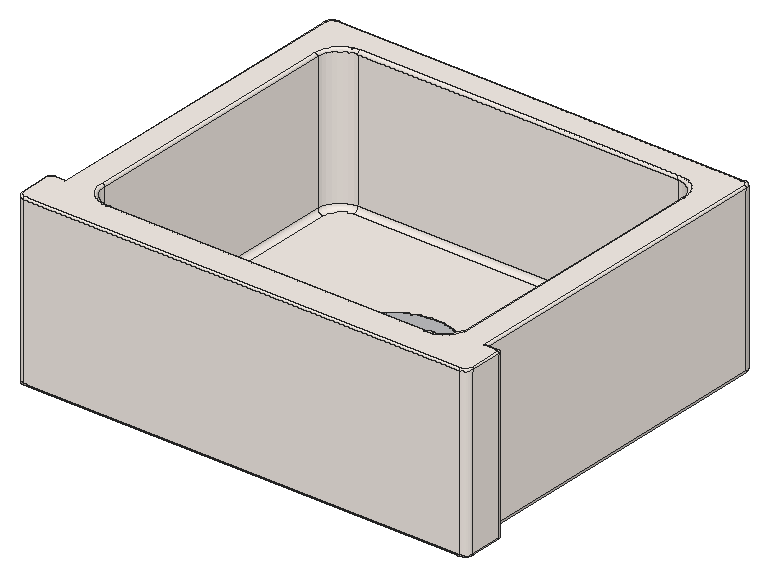
Revit family "Sink-Undermount_Kitchen-KALLISTA-Caillou-L39763-1", category Plumbing Fixtures, host Face, Revit 2022
Family settings
  Host = Face
  Round Connector Dimension = Use Diameter
  Part Type = Normal
  OmniClass Number = 23.31.13.00
  OmniClass Title = Sinks
  Cut with Voids When Loaded = No
  Maintain Annotation Orientation = No
  Shared = No
  Room Calculation Point = No
Parameters (values of type "CCV-Calacatta Viola")
  Width = 19 1/2"  # constant formula
  WaterSense Certified = 1 = 0  # no
  Waste Water Outlet = "Waste Water Outlet"  # constant formula
  Waste Connection = 1 = 1  # yes
  Vent Connection = 1 = 0  # no
  URL = "https://www.kallista.com/"
  Type = 1
  Product Page URL = ""
  Product Name = "Caillou"  # constant formula
  Product Documentation Link = ""
  Model = if(Type = 1, "L39763-00-CCV", if(Type = 2, "L39763-00-FWG", if(Type = 3, "L39763-00-MVV", if(Type = 4, "L39763-00-NM", if(Type = 5, "L39763-00-RM", if(Type = 6, "L39763-00-WH", "NA"))))))  # "L39763-00-CCV"
  Material = "Natural Stone"  # constant formula
  Master Format 2014 Name = "Residential Lavatories and Sinks"  # constant formula
  Master Format 2014 = "22 41 16"  # constant formula
  Manufacturer Address = "444 Highland Dr, Kohler, WI 53044"  # constant formula
  Manufacturer = "Kallista Co."  # constant formula
  Length = 23.48819"  # constant formula
  Hot Water Inlet = "Hot Water Inlet"  # constant formula
  Height = 9.75197"  # constant formula
  HW Connection = 1 = 0  # no
  Finish = KALLISTA-Stone-CCV-Calacatta_Viola
  Environmental Product Declaration = ""
  Drain Included = 1 = 0  # no
  Description = "24 Inch Entertainment Sink"  # constant formula
  Default Elevation = 36"
  Declare Label = ""
  Date Modified = "09/23/2025"  # constant formula
  Date Created = "09/23/2025"  # constant formula
  Copyright = "Copyright Kallista Co."  # constant formula
  Contact Us = "https://www.kallista.com/corporate/contact-us/"
  Cold Water Inlet = "Cold Water Inlet"  # constant formula
  CW Connection = 1 = 0  # no
  Assembly Code = "D2010400"
  ADA Compliant = 1 = 0  # no
Types (7): name | Type | Model | Finish
  (no name) | 1 | "L39763-00-CCV" | KALLISTA-Stone-CCV-Calacatta_Viola
  NM-Nero Marquina | 4 | "L39763-00-NM" | Kohler-Stone-NM-Nero_Marquina
  CCV-Calacatta Viola | 1 | "L39763-00-CCV" | KALLISTA-Stone-CCV-Calacatta_Viola
  FWG-Fusion Green Quartzite | 2 | "L39763-00-FWG" | KALLISTA-Stone-FWG-Fusion_Green_Quartzite
  MVV-Macchia Vecchia | 3 | "L39763-00-MVV" | KALLISTA-Stone-MVV-Macchia_Vecchia
  RM-Crema Marfil | 5 | "L39763-00-RM" | KALLISTA-Stone-RM-Crema_Marfil
  WH-White Carrara Marble | 6 | "L39763-00-WH" | KALLISTA-Stone-WH-White_Carrara_Marble
Reference planes (in)
  plane 1 "Center (Front/Back)": y = 0
  plane 2: z = 0
  plane 3 "Center (Left/Right)": x = 0
  plane 4: z = -1
  plane 5: y = -30.7755906
  plane 6: y = -48.0314961
  plane 7: y = -50.2755906
  plane 8: y = -40.5275591
  plane 9: y = -48.5526603
  plane 10: y = -32.3006918
  plane 11: z = -11.9583259
  plane 12: z = -9.7519685
  plane 13: x = -11.7440945
  plane 14: x = -10.9940945
  plane 15: x = -9.4940945
  plane 16: x = 9.4940945
  plane 17: x = 11.7440945
  plane 18: x = 10.9940945
Forms (in)
  Extrusion 1, void
    sketch origin (0, 0, 0) x (1, 0, 0) y (0, 1, 0)
      loop
        arc (-9.5137795, -47.0264062) -> (-9.8020603, -47.7223774) -> (-10.4980315, -48.0106581) r 0.984252
        line (-10.4980315, -48.0106581) -> (-14.7731298, -48.0106581) -> (-14.7731298, -48.7427356) -> (12.9232283, -48.7427356) -> (12.9232283, -48.0106581) -> (10.4743165, -48.0106581)
        arc (10.4743165, -48.0106581) -> (9.7783453, -47.7223774) -> (9.4900646, -47.0264062) r 0.984252
        line (9.4900646, -47.0264062) -> (9.4900646, -33.4806786)
        arc (9.4900646, -33.4806786) -> (9.1441277, -32.6455131) -> (8.3089622, -32.2995762) r 1.1811024
        line (8.3089622, -32.2995762) -> (-8.3326772, -32.2995762)
        arc (-8.3326772, -32.2995762) -> (-9.1678427, -32.6455131) -> (-9.5137795, -33.4806786) r 1.1811024
        line (-9.5137795, -33.4806786) -> (-9.5137795, -47.0264062)
    from -9.7519685 to 0
  Extrusion 2, void
    sketch origin (0, 0, 0) x (1, 0, 0) y (0, 1, 0)
      loop
        line (-11.0187008, -48.8188976) -> (11.0925197, -48.8188976) -> (11.0925197, -30.7669597) -> (-11.0187008, -30.7669597) -> (-11.0187008, -48.8188976)
    from -9.7519685 to -1
  Revolve 3, void
    sketch origin (0, 0, 0) x (0, 1, 0) y (0, 0, 1)
      loop
        line (-40.5275591, -8.6456693) -> (-43.6771654, -8.6456693) -> (-43.6771654, -12.1351818) -> (-40.5275591, -12.1351818) -> (-40.5275591, -8.6456693)
      axis (-40.5275591, -8.6456693) -> (-40.5275591, -12.1351818)
    angle from 0 to 360
Dimensions and locks (in)
  locked: level to plane 4 at 1
  plane 10 to plane 9 = 16.25197"
  "Width": plane 5 to plane 7
  "Height": level to plane 12
  level to plane 11 = 11.95833"
  level to plane 4 = 1"
  plane 14 to plane 18 = 21.98819"
  "Length": plane 13 to plane 17
  plane 15 to plane 16 = 18.98819"
  aligned and locked: plane 2 to host face
  aligned and locked: level to host face
  aligned and locked: plane 3 "Center (Left/Right)" to nested 1
  aligned and locked: plane 4 to nested 1
  aligned and locked: plane 14 to nested 1
  aligned and locked: plane 15 to nested 1
  aligned and locked: plane 18 to nested 1
  aligned and locked: plane 17 to nested 1
  aligned and locked: plane 16 to nested 1
Automatic sketch dimensions
  host sketch curve to host sketch curve = 96"  (x2)
  Extrusion 1 sketch curve to plane 9 = 0.19008"
  plane 6 to Extrusion 1 sketch curve = 0.02084"  (x2)
  plane 10 to Extrusion 1 sketch curve = 0.00112"
  plane 5 to Extrusion 2 sketch curve = 0.00863"
  Extrusion 2 sketch curve to plane 9 = 0.26624"
  Revolve 3 sketch curve to plane 8 = 0"  (x2)
  plane 12 to Revolve 3 sketch curve = 0"
  Revolve 3 sketch curve to plane 12 = 1.1063"
  Revolve 3 sketch curve to plane 8 = 3.14961"
  Revolve 3 sketch curve to plane 11 = 0.17686"
  Revolve 3 sketch curve to Revolve 3 sketch curve = 0.53734"
  Extrusion 1 sketch curve to plane 15 = 1.16142"
  plane 15 to Extrusion 1 sketch curve = 0.01969"
  Extrusion 1 sketch curve to plane 14 = 0.49606"
  plane 13 to Extrusion 1 sketch curve = 3.02904"
  plane 14 to Extrusion 2 sketch curve = 0.02461"
  plane 16 to Extrusion 1 sketch curve = 1.18513"
  plane 16 to Extrusion 1 sketch curve = 0.00403"
  plane 18 to Extrusion 1 sketch curve = 0.51978"
  Extrusion 1 sketch curve to plane 17 = 1.17913"
  Extrusion 2 sketch curve to plane 18 = 0.09843"
Nested families (in)
  nested 1: "L39763" at (0, -48.0314961, -9.7519685), type "L39743"
Connectors (in)
  piping at (0, -40.5275591, -11.9583259), diameter 1.5, driven by "Waste Connection", driven by "Waste Water Outlet"
    settings: on nested 1, index 1, connector inside diameter 24", connector length 0", flow factor 0, pipe flow 0 GPM, pressure drop 0.00 psi, fitting loss kfactor 0, connector angle 0.00°, fixture units 0, engagement length 0", angle of deflection 0.00°, flow configuration 0, flow direction 2, fitting loss method 0, system type 16, joint type 0, gender type 0, connector reference index -1, connector utility 1, adjustable connector no, is connector primary yes, connector description "Waste Water Outlet"
Definition of nested family "L39763"
  Parameters (values of type "L39763")
    Material = none
    Default Elevation = 0"
  Reference planes (in)
    plane 1 "Center (Front/Back)": y = 0
    plane 2: z = 0
    plane 3 "Center (Left/Right)": x = 0
    plane 4: x = 11.7440945
    plane 5: x = -11.7440945
    plane 6: y = -2.2440945
    plane 7: y = 17.2559055
    plane 8: x = -10.9940945
    plane 9: x = 10.9940945
    plane 10: x = 9.4940945
    plane 11: x = -9.4940945
    plane 12 "A": y = 7.503937
    plane 13: y = 15.7308043
    plane 14: y = -0.5211642
    plane 15: x = 1.8110236
    plane 16: x = -1.8110236
    plane 17: y = 5.6929134
    plane 18: y = 9.3149606
    plane 19: z = 8.7519685
    plane 20: z = 1.1062992
    plane 21: z = -2.2063574
    plane 22: x = -11
    plane 23: x = 11
    plane 24: x = 11.7440945
    plane 25: x = -11.7440945
  Forms (in)
    Sweep 1, solid, material <- "Material", detail levels medium+fine
      path origin (0, 0, 0) x (1, 0, 0) y (0, 1, 0)
        loop
          line (8.3129921, 15.7308043) -> (-8.3129921, 15.7308043)
          arc (-8.3129921, 15.7308043) -> (-9.1481576, 15.3848674) -> (-9.4940945, 14.5497019) r 1.1811024
          line (-9.4940945, 14.5497019) -> (-9.4940945, 0.6599382)
          arc (-9.4940945, 0.6599382) -> (-9.1481576, -0.1752273) -> (-8.3129921, -0.5211642) r 1.1811024
          line (-8.3129921, -0.5211642) -> (8.3129921, -0.5211642)
          arc (8.3129921, -0.5211642) -> (9.1481576, -0.1752273) -> (9.4940945, 0.6599382) r 1.1811024
          line (9.4940945, 0.6599382) -> (9.4940945, 14.5497019)
          arc (9.4940945, 14.5497019) -> (9.1481576, 15.3848674) -> (8.3129921, 15.7308043) r 1.1811024
      profile origin (0, 15.7308043, 0) x (0, -1, 0) y (0, 0, 1)
        loop
          line (0, 1.5471383) -> (0, 8.6133743)
          arc (0, 8.6133743) -> (-0.0405933, 8.7113752) -> (-0.1385942, 8.7519685) r 0.1385942
          line (-0.1385942, 8.7519685) -> (-0.3937008, 8.7519685) -> (-0.3937008, 1.1062992) -> (0.5905512, 1.1062992) -> (0.5905512, 1.2785433) -> (0.268595, 1.2785433)
          arc (0.268595, 1.2785433) -> (0.0786697, 1.357213) -> (0, 1.5471383) r 0.268595
    Sweep 2, solid, material <- "Material", detail levels medium+fine
      path origin (0, 0, 0) x (1, 0, 0) y (0, 1, 0)
        loop
          line (10.9940945, -0.5211642) -> (10.9940945, 16.8622047)
          arc (10.9940945, 16.8622047) -> (10.8787822, 17.1405932) -> (10.6003937, 17.2559055) r 0.3937008
          line (10.6003937, 17.2559055) -> (-10.6003937, 17.2559055)
          arc (-10.6003937, 17.2559055) -> (-10.8787822, 17.1405932) -> (-10.9940945, 16.8622047) r 0.3937008
          line (-10.9940945, 16.8622047) -> (-10.9940945, -0.5211642)
      profile origin (0, 17.2559055, 0) x (0, -1, 0) y (0, 0, 1)
        loop
          arc (0.1181102, 8.7519685) -> (0.0345937, 8.7173748) -> (0, 8.6338583) r 0.1181102
          line (0, 8.6338583) -> (0, 0.1181102)
          arc (0, 0.1181102) -> (0.0345937, 0.0345937) -> (0.1181102, 0) r 0.1181102
          line (0.1181102, 0) -> (0.3651166, 0) -> (0.3651166, 8.7519685) -> (0.1181102, 8.7519685)
    Extrusion 3, solid, material <- "Material", detail levels medium+fine
      sketch origin (0, 0, 0) x (1, 0, 0) y (0, 1, 0)
        loop
          arc (-8.3129921, 15.1402531) -> (-8.7305749, 14.9672847) -> (-8.9035433, 14.5497019) r 0.5905512
          line (-8.9035433, 14.5497019) -> (-8.9035433, 0.6599382)
          arc (-8.9035433, 0.6599382) -> (-8.7305749, 0.2423554) -> (-8.3129921, 0.069387) r 0.5905512
          line (-8.3129921, 0.069387) -> (8.3129921, 0.069387)
          arc (8.3129921, 0.069387) -> (8.7305749, 0.2423554) -> (8.9035433, 0.6599382) r 0.5905512
          line (8.9035433, 0.6599382) -> (8.9035433, 14.5497019)
          arc (8.9035433, 14.5497019) -> (8.7305749, 14.9672847) -> (8.3129921, 15.1402531) r 0.5905512
          line (8.3129921, 15.1402531) -> (-8.3129921, 15.1402531)
      from 1.1062992 to 1.2785433
    Sweep 4, solid, material <- "Material", detail levels medium+fine
      path origin (0, 0, 0) x (1, 0, 0) y (0, 1, 0)
        loop
          line (10.6289779, 0) -> (11.5472441, 0)
          arc (11.5472441, 0) -> (11.6864383, -0.0576561) -> (11.7440945, -0.1968504) r 0.1968504
          line (11.7440945, -0.1968504) -> (11.7440945, -1.8503937)
          arc (11.7440945, -1.8503937) -> (11.6287822, -2.1287822) -> (11.3503937, -2.2440945) r 0.3937008
          line (11.3503937, -2.2440945) -> (-11.3503937, -2.2440945)
          arc (-11.3503937, -2.2440945) -> (-11.6287822, -2.1287822) -> (-11.7440945, -1.8503937) r 0.3937008
          line (-11.7440945, -1.8503937) -> (-11.7440945, -0.1968504)
          arc (-11.7440945, -0.1968504) -> (-11.6864383, -0.0576561) -> (-11.5472441, 0) r 0.1968504
          line (-11.5472441, 0) -> (-10.6289779, 0)
      profile origin (0, -2.2440945, 0) x (0, -1, 0) y (0, 0, 1)
        loop
          arc (-0.0787402, 0) -> (-0.0230625, 0.0230625) -> (0, 0.0787402) r 0.0787402
          line (0, 0.0787402) -> (0, 8.6732283)
          arc (0, 8.6732283) -> (-0.0230625, 8.728906) -> (-0.0787402, 8.7519685) r 0.0787402
          line (-0.0787402, 8.7519685) -> (-0.1698934, 8.7519685) -> (-0.1698934, 0) -> (-0.0787402, 0)
    Extrusion 5, solid, material <- "Material", detail levels medium+fine
      sketch origin (0, 0, 0) x (1, 0, 0) y (0, 1, 0)
        loop
          arc (-10.6003937, 16.8907889) -> (-10.6206058, 16.8824168) -> (-10.6289779, 16.8622047) r 0.0285842
          line (-10.6289779, 16.8622047) -> (-10.6289779, -0.5211642) -> (-10.8759843, -0.5211642) -> (-10.8759843, -0.1698934) -> (-11.5472441, -0.1698934)
          arc (-11.5472441, -0.1698934) -> (-11.5663055, -0.1777889) -> (-11.5742011, -0.1968504) r 0.026957
          line (-11.5742011, -0.1968504) -> (-11.5742011, -1.8503937)
          arc (-11.5742011, -1.8503937) -> (-11.5086494, -2.0086494) -> (-11.3503937, -2.0742011) r 0.2238074
          line (-11.3503937, -2.0742011) -> (11.3503937, -2.0742011)
          arc (11.3503937, -2.0742011) -> (11.5086494, -2.0086494) -> (11.5742011, -1.8503937) r 0.2238074
          line (11.5742011, -1.8503937) -> (11.5742011, -0.1968504)
          arc (11.5742011, -0.1968504) -> (11.5663055, -0.1777889) -> (11.5472441, -0.1698934) r 0.026957
          line (11.5472441, -0.1698934) -> (10.8759843, -0.1698934) -> (10.8759843, -0.5211642) -> (10.6289779, -0.5211642) -> (10.6289779, 16.8622047)
          arc (10.6289779, 16.8622047) -> (10.6206058, 16.8824168) -> (10.6003937, 16.8907889) r 0.0285842
          line (10.6003937, 16.8907889) -> (-10.6003937, 16.8907889)
        loop
          line (-8.3129921, -0.914865) -> (8.3129921, -0.914865)
          arc (8.3129921, -0.914865) -> (9.4265461, -0.4536158) -> (9.8877953, 0.6599382) r 1.5748031
          line (9.8877953, 0.6599382) -> (9.8877953, 14.5497019)
          arc (9.8877953, 14.5497019) -> (9.4265461, 15.6632559) -> (8.3129921, 16.1245051) r 1.5748031
          line (8.3129921, 16.1245051) -> (-8.3129921, 16.1245051)
          arc (-8.3129921, 16.1245051) -> (-9.4265461, 15.6632559) -> (-9.8877953, 14.5497019) r 1.5748031
          line (-9.8877953, 14.5497019) -> (-9.8877953, 0.6599382)
          arc (-9.8877953, 0.6599382) -> (-9.4265461, -0.4536158) -> (-8.3129921, -0.914865) r 1.5748031
      from 0 to 8.7519685
    Extrusion 6, solid, material <- "Material", detail levels medium+fine
      sketch origin (0, 0, 0) x (1, 0, 0) y (0, 1, 0)
        loop
          line (-8.3129921, -0.914865) -> (8.3129921, -0.914865)
          arc (8.3129921, -0.914865) -> (9.4265461, -0.4536158) -> (9.8877953, 0.6599382) r 1.5748031
          line (9.8877953, 0.6599382) -> (9.8877953, 14.5497019)
          arc (9.8877953, 14.5497019) -> (9.4265461, 15.6632559) -> (8.3129921, 16.1245051) r 1.5748031
          line (8.3129921, 16.1245051) -> (-8.3129921, 16.1245051)
          arc (-8.3129921, 16.1245051) -> (-9.4265461, 15.6632559) -> (-9.8877953, 14.5497019) r 1.5748031
          line (-9.8877953, 14.5497019) -> (-9.8877953, 0.6599382)
          arc (-9.8877953, 0.6599382) -> (-9.4265461, -0.4536158) -> (-8.3129921, -0.914865) r 1.5748031
      from 0 to 0.5373408
    Revolve 7, solid, material <- "Material", detail levels medium+fine
      sketch origin (0, 7.503937, 0) x (1, 0, 0) y (0, 0, 1)
        loop
          line (0.6758748, -2.2053542) -> (0.906273, -2.2053542) -> (1.0695756, -1.9225057) -> (1.0695756, -1.612118) -> (0.9470057, -1.612118) -> (0.8847545, -1.5761772) -> (0.9348126, -1.5411262) -> (0.9348126, -1.5090595) -> (0.8957951, -1.4865328) -> (0.9348126, -1.4592125) -> (0.9348126, -1.2388652)
          arc (0.9348126, -1.2388652) -> (1.0060126, -1.0130477) -> (1.1938598, -0.8689075) r 0.3937008
          line (1.1938598, -0.8689075) -> (1.5516942, -0.7386664)
          arc (1.5516942, -0.7386664) -> (1.613819, -0.6909963) -> (1.6373662, -0.616314) r 0.1302047
          line (1.6373662, -0.616314) -> (1.6373662, -0.5762537) -> (1.7650874, -0.5762537) -> (1.7650874, -0.3416603)
          arc (1.7650874, -0.3416603) -> (1.7845158, -0.2928242) -> (1.8321822, -0.2706804) r 0.0710924
          line (1.8321822, -0.2706804) -> (2.1955228, -0.2502174)
          arc (2.1955228, -0.2502174) -> (2.2342252, -0.2322379) -> (2.25, -0.1925857) r 0.057723
          line (2.25, -0.1925857) -> (2.25, 0.0389589) -> (0.6758748, 0.0389589) -> (0.6758748, -2.2053542)
        axis (0, -2.2053542) -> (0, 0.0389589)
      angle from 0 to 360
    Revolve 8, void
      sketch origin (0, 7.503937, 0) x (1, 0, 0) y (0, 0, 1)
        loop
          line (0, 1.6019003) -> (0, -1.9838095) -> (0.5759468, -1.9838095) -> (0.6366445, -1.2900318)
          arc (0.6366445, -1.2900318) -> (0.6540755, -1.2024003) -> (0.6900602, -1.1206187) r 0.410356
          line (0.6900602, -1.1206187) -> (0.8106851, -0.9116902)
          arc (0.8106851, -0.9116902) -> (0.8481144, -0.8660767) -> (0.8982154, -0.8349089) r 0.1811802
          line (0.8982154, -0.8349089) -> (1.4337184, -0.6129396)
          arc (1.4337184, -0.6129396) -> (1.4980621, -0.560114) -> (1.5222235, -0.4804466) r 0.1434243
          line (1.5222235, -0.4804466) -> (1.5222235, 0.14364)
          arc (1.5222235, 0.14364) -> (1.6375358, 0.4220285) -> (1.9159243, 0.5373408) r 0.3937008
          line (1.9159243, 0.5373408) -> (2.2644412, 0.5373408)
          arc (2.2644412, 0.5373408) -> (2.3994903, 0.5909717) -> (2.4609525, 0.7226414) r 0.1968504
          arc (2.4609525, 0.7226414) -> (2.6453391, 1.1176506) -> (3.0504863, 1.2785433) r 0.5905512
          line (3.0504863, 1.2785433) -> (3.447414, 1.2785433) -> (3.447414, 1.6019003) -> (0, 1.6019003)
        axis (0, -1.9838095) -> (0, 1.6019003)
      angle from 0 to 360
    Revolve 9, solid, detail levels medium+fine
      sketch origin (0, 7.503937, 0) x (1, 0, 0) y (0, 0, 1)
        loop
          line (0, 1.6776232) -> (0, -2.2063574) -> (0.2090901, -2.2063574) -> (0.2090901, -1.3000942) -> (0.4059405, -1.3000942)
          arc (0.4059405, -1.3000942) -> (0.5451348, -1.2424381) -> (0.6027909, -1.1032439) r 0.1968504
          line (0.6027909, -1.1032439) -> (0.6027909, -0.7731041)
          arc (0.6027909, -0.7731041) -> (0.6604471, -0.6339099) -> (0.7996413, -0.5762537) r 0.1968504
          line (0.7996413, -0.5762537) -> (0.9964917, -0.5762537)
          arc (0.9964917, -0.5762537) -> (1.2748802, -0.4609414) -> (1.3901925, -0.1825529) r 0.3937008
          line (1.3901925, -0.1825529) -> (1.3901925, 0.5373408) -> (1.3901925, 0.8326164)
          arc (1.3901925, 0.8326164) -> (1.5055048, 1.1110049) -> (1.7838933, 1.2263172) r 0.3937008
          line (1.7838933, 1.2263172) -> (2.9185481, 1.2263172)
          arc (2.9185481, 1.2263172) -> (3.0291632, 1.3285756) -> (2.935891, 1.4468667) r 0.1109566
          arc (2.935891, 1.4468667) -> (1.472477, 1.6198987) -> (0, 1.6776232) r 18.774538
        axis (0, 1.6776232) -> (0, -2.2063574)
      angle from 0 to 360
    Extrusion 10, solid, material <- "Material", detail levels medium+fine
      sketch origin (0, 0, 0) x (1, 0, 0) y (0, 1, 0)
        loop
          line (-1.3397642, 6.3547785) -> (-1.4015758, 6.2929669)
          arc (-1.4015758, 6.2929669) -> (-1.4015758, 6.0935003) -> (-1.2021091, 6.0935003) r 0.1410442
          line (-1.2021091, 6.0935003) -> (-1.1395872, 6.1560222)
          arc (-1.1395872, 6.1560222) -> (-1.2436526, 6.251395) -> (-1.3397642, 6.3547785) r 1.7650874
        loop
          line (-0.1410451, 5.744494) -> (-0.1413564, 5.6570798)
          arc (-0.1413564, 5.6570798) -> (-0.0008154, 5.5155342) -> (0.1407303, 5.6560752) r 0.1410442
          line (0.1407303, 5.6560752) -> (0.1410451, 5.744494)
          arc (0.1410451, 5.744494) -> (0, 5.7388496) -> (-0.1410451, 5.744494) r 1.7650874
        loop
          line (1.140992, 6.1572111) -> (1.2024266, 6.0950249)
          arc (1.2024266, 6.0950249) -> (1.4018896, 6.0938122) -> (1.4031023, 6.2932752) r 0.1410442
          line (1.4031023, 6.2932752) -> (1.3409617, 6.356176)
          arc (1.3409617, 6.356176) -> (1.2449579, 6.2526924) -> (1.140992, 6.1572111) r 1.7650874
        loop
          line (1.759443, 7.3628919) -> (1.8468572, 7.3625806)
          arc (1.8468572, 7.3625806) -> (1.9884028, 7.5031216) -> (1.8478618, 7.6446673) r 0.1410442
          line (1.8478618, 7.6446673) -> (1.759443, 7.6449821)
          arc (1.759443, 7.6449821) -> (1.7650874, 7.503937) -> (1.759443, 7.3628919) r 1.7650874
        loop
          arc (-1.759443, 7.3628919) -> (-1.7650874, 7.503937) -> (-1.759443, 7.6449821) r 1.7650874
          line (-1.759443, 7.6449821) -> (-1.8478618, 7.6446673)
          arc (-1.8478618, 7.6446673) -> (-1.9884028, 7.5031216) -> (-1.8468572, 7.3625806) r 0.1410442
          line (-1.8468572, 7.3625806) -> (-1.759443, 7.3628919)
        loop
          arc (-1.3397642, 8.6530955) -> (-1.2436526, 8.756479) -> (-1.1395872, 8.8518519) r 1.7650874
          line (-1.1395872, 8.8518519) -> (-1.2021091, 8.9143738)
          arc (-1.2021091, 8.9143738) -> (-1.4015758, 8.9143738) -> (-1.4015758, 8.7149071) r 0.1410442
          line (-1.4015758, 8.7149071) -> (-1.3397642, 8.6530955)
        loop
          arc (-0.1410451, 9.26338) -> (0, 9.2690244) -> (0.1410451, 9.26338) r 1.7650874
          line (0.1410451, 9.26338) -> (0.1407303, 9.3517988)
          arc (0.1407303, 9.3517988) -> (-0.0008154, 9.4923398) -> (-0.1413564, 9.3507942) r 0.1410442
          line (-0.1413564, 9.3507942) -> (-0.1410451, 9.26338)
        loop
          arc (1.140992, 8.8506629) -> (1.2449579, 8.7551817) -> (1.3409617, 8.651698) r 1.7650874
          line (1.3409617, 8.651698) -> (1.4031023, 8.7145988)
          arc (1.4031023, 8.7145988) -> (1.4018896, 8.9140618) -> (1.2024266, 8.9128491) r 0.1410442
          line (1.2024266, 8.9128491) -> (1.140992, 8.8506629)
      from 0 to -0.5762537
    Extrusion 11, solid, material <- "Material", detail levels coarse
      sketch origin (0, 0, 0) x (1, 0, 0) y (0, 1, 0)
        loop
          line (-10.9940945, 0) -> (-11.7440945, 0) -> (-11.7440945, -2.2440945) -> (11.7440945, -2.2440945) -> (11.7440945, 0) -> (10.9940945, 0) -> (10.9940945, 17.2559055) -> (-10.9940945, 17.2559055) -> (-10.9940945, 0)
        loop
          line (-9.4940945, 14.7465523) -> (-9.4940945, 0.5799594)
          arc (-9.4940945, 0.5799594) -> (-9.1715829, -0.1986526) -> (-8.3929709, -0.5211642) r 1.1011236
          line (-8.3929709, -0.5211642) -> (8.3929709, -0.5211642)
          arc (8.3929709, -0.5211642) -> (9.1715829, -0.1986526) -> (9.4940945, 0.5799594) r 1.1011236
          line (9.4940945, 0.5799594) -> (9.4940945, 14.7465523)
          arc (9.4940945, 14.7465523) -> (9.2058138, 15.4425236) -> (8.5098425, 15.7308043) r 0.984252
          line (8.5098425, 15.7308043) -> (-8.5098425, 15.7308043)
          arc (-8.5098425, 15.7308043) -> (-9.2058138, 15.4425236) -> (-9.4940945, 14.7465523) r 0.984252
      from 0 to 8.7519685
    Revolve 12, solid, material <- "Material", detail levels coarse
      sketch origin (0, 7.503937, 0) x (1, 0, 0) y (0, 0, 1)
        loop
          line (0, -2.2063574) -> (0, 0.1262897) -> (-2.3622047, 0.1262897) -> (-2.3622047, -2.2063574) -> (0, -2.2063574)
        axis (0, -2.2063574) -> (0, 0.1262897)
      angle from 0 to 360
    Extrusion 13, solid, material <- "Material", detail levels coarse
      sketch origin (0, 0, 0) x (1, 0, 0) y (0, 1, 0)
        loop
          arc (8.3929709, -0.5211642) -> (9.1715829, -0.1986526) -> (9.4940945, 0.5799594) r 1.1011236
          line (9.4940945, 0.5799594) -> (9.4940945, 14.7465523)
          arc (9.4940945, 14.7465523) -> (9.2058138, 15.4425236) -> (8.5098425, 15.7308043) r 0.984252
          line (8.5098425, 15.7308043) -> (-8.5098425, 15.7308043)
          arc (-8.5098425, 15.7308043) -> (-9.2058138, 15.4425236) -> (-9.4940945, 14.7465523) r 0.984252
          line (-9.4940945, 14.7465523) -> (-9.4940945, 0.5799594)
          arc (-9.4940945, 0.5799594) -> (-9.1715829, -0.1986526) -> (-8.3929709, -0.5211642) r 1.1011236
          line (-8.3929709, -0.5211642) -> (8.3929709, -0.5211642)
      from 0 to 0.7100334
  Cuts and joins
    Revolve 8 cuts Sweep 1
    Revolve 8 cuts Sweep 2
    Revolve 8 cuts Extrusion 3
    Revolve 8 cuts Sweep 4
    Revolve 8 cuts Extrusion 5
    Revolve 8 cuts Extrusion 6
    Revolve 8 cuts Revolve 7
    Revolve 8 cuts Extrusion 10
    joined: Sweep 1, Sweep 2, Extrusion 3, Sweep 4, Extrusion 5, Extrusion 6, Revolve 7, Extrusion 10
    joined: Extrusion 11, Revolve 12, Extrusion 13
  Lines and regions (in)
    Masking region 1
      outline origin (0, 0, 0) x (1, 0, 0) y (0, 1, 0)
        loop
          line (10.6062992, 17.2559055) -> (-10.6062992, 17.2559055)
          arc (-10.6062992, 17.2559055) -> (-10.8846877, 17.1405932) -> (-11, 16.8622047) r 0.3937008
          line (-11, 16.8622047) -> (-11, 0.1181102)
          arc (-11, 0.1181102) -> (-11.0345937, 0.0345937) -> (-11.1181102, 0) r 0.1181102
          line (-11.1181102, 0) -> (-11.6259843, 0)
          arc (-11.6259843, 0) -> (-11.7095008, -0.0345937) -> (-11.7440945, -0.1181102) r 0.1181102
          line (-11.7440945, -0.1181102) -> (-11.7440945, -1.8503937)
          arc (-11.7440945, -1.8503937) -> (-11.6287822, -2.1287822) -> (-11.3503937, -2.2440945) r 0.3937008
          line (-11.3503937, -2.2440945) -> (11.3503937, -2.2440945)
          arc (11.3503937, -2.2440945) -> (11.6287822, -2.1287822) -> (11.7440945, -1.8503937) r 0.3937008
          line (11.7440945, -1.8503937) -> (11.7440945, -0.1181102)
          arc (11.7440945, -0.1181102) -> (11.7095008, -0.0345937) -> (11.6259843, 0) r 0.1181102
          line (11.6259843, 0) -> (11.1181102, 0)
          arc (11.1181102, 0) -> (11.0345937, 0.0345937) -> (11, 0.1181102) r 0.1181102
          line (11, 0.1181102) -> (11, 16.8622047)
          arc (11, 16.8622047) -> (10.8846877, 17.1405932) -> (10.6062992, 17.2559055) r 0.3937008
    Masking region 2
      outline origin (0, 7.503937, 0) x (1, 0, 0) y (0, 0, 1)
        loop
          arc (-11.6259843, 8.7519685) -> (-11.7095008, 8.7173748) -> (-11.7440945, 8.6338583) r 0.1181102
          line (-11.7440945, 8.6338583) -> (-11.7440945, 0.1262897)
          arc (-11.7440945, 0.1262897) -> (-11.7071051, 0.0369894) -> (-11.6178048, 0) r 0.1262897
          line (-11.6178048, 0) -> (-2.25, 0) -> (-2.25, -0.1882848)
          arc (-2.25, -0.1882848) -> (-2.2330156, -0.2308564) -> (-2.1913912, -0.2500456) r 0.0618455
          line (-2.1913912, -0.2500456) -> (-2.020395, -0.2590071)
          arc (-2.020395, -0.2590071) -> (-1.9963747, -0.2700806) -> (-1.9865735, -0.2946475) r 0.0356893
          line (-1.9865735, -0.2946475) -> (-1.9865735, -0.5527938)
          arc (-1.9865735, -0.5527938) -> (-1.9797023, -0.5693825) -> (-1.9631136, -0.5762537) r 0.0234599
          line (-1.9631136, -0.5762537) -> (-1.6487791, -0.5762537) -> (-1.6487791, -0.6079803)
          arc (-1.6487791, -0.6079803) -> (-1.6247303, -0.6846311) -> (-1.5612044, -0.7338058) r 0.1341791
          line (-1.5612044, -0.7338058) -> (-1.1794422, -0.8752064)
          arc (-1.1794422, -0.8752064) -> (-0.9974571, -1.0160792) -> (-0.9285635, -1.2356638) r 0.3843882
          line (-0.9285635, -1.2356638) -> (-0.9285635, -1.4609305) -> (-0.8925307, -1.4969634) -> (-0.9381316, -1.5425642) -> (-0.8771584, -1.5777671) -> (-0.9342749, -1.6107432) -> (-1.0752431, -1.6107432) -> (-1.0752431, -1.9263091) -> (-0.933527, -2.1717686)
          arc (-0.933527, -2.1717686) -> (-0.9082062, -2.1970894) -> (-0.8736174, -2.2063574) r 0.0691776
          line (-0.8736174, -2.2063574) -> (0, -2.2063574) -> (0.8736174, -2.2063574)
          arc (0.8736174, -2.2063574) -> (0.9082062, -2.1970894) -> (0.933527, -2.1717686) r 0.0691776
          line (0.933527, -2.1717686) -> (1.0752431, -1.9263091) -> (1.0752431, -1.6107432) -> (0.9342749, -1.6107432) -> (0.8771584, -1.5777671) -> (0.9381316, -1.5425642) -> (0.8925307, -1.4969634) -> (0.9285635, -1.4609305) -> (0.9285635, -1.2356638)
          arc (0.9285635, -1.2356638) -> (0.9974571, -1.0160792) -> (1.1794422, -0.8752064) r 0.3843882
          line (1.1794422, -0.8752064) -> (1.5612044, -0.7338058)
          arc (1.5612044, -0.7338058) -> (1.6247303, -0.6846311) -> (1.6487791, -0.6079803) r 0.1341791
          line (1.6487791, -0.6079803) -> (1.6487791, -0.5762537) -> (1.9631136, -0.5762537)
          arc (1.9631136, -0.5762537) -> (1.9797023, -0.5693825) -> (1.9865735, -0.5527938) r 0.0234599
          line (1.9865735, -0.5527938) -> (1.9865735, -0.2946475)
          arc (1.9865735, -0.2946475) -> (1.9963747, -0.2700806) -> (2.020395, -0.2590071) r 0.0356893
          line (2.020395, -0.2590071) -> (2.1913912, -0.2500456)
          arc (2.1913912, -0.2500456) -> (2.2330156, -0.2308564) -> (2.25, -0.1882848) r 0.0618455
          line (2.25, -0.1882848) -> (2.25, 0) -> (11.6178048, 0)
          arc (11.6178048, 0) -> (11.7071051, 0.0369894) -> (11.7440945, 0.1262897) r 0.1262897
          line (11.7440945, 0.1262897) -> (11.7440945, 8.6338583)
          arc (11.7440945, 8.6338583) -> (11.7095008, 8.7173748) -> (11.6259843, 8.7519685) r 0.1181102
          line (11.6259843, 8.7519685) -> (-11.6259843, 8.7519685)
    Masking region 3
      outline origin (0, 0, 0) x (0, 1, 0) y (0, 0, 1)
        loop
          line (17.1377953, 8.7519685) -> (-2.1259843, 8.7519685)
          arc (-2.1259843, 8.7519685) -> (-2.2095008, 8.7173748) -> (-2.2440945, 8.6338583) r 0.1181102
          line (-2.2440945, 8.6338583) -> (-2.2440945, 0.1262897)
          arc (-2.2440945, 0.1262897) -> (-2.2071051, 0.0369894) -> (-2.1178048, 0) r 0.1262897
          line (-2.1178048, 0) -> (5.253937, 0) -> (5.253937, -0.1882848)
          arc (5.253937, -0.1882848) -> (5.2709214, -0.2308564) -> (5.3125458, -0.2500456) r 0.0618455
          line (5.3125458, -0.2500456) -> (5.483542, -0.2590071)
          arc (5.483542, -0.2590071) -> (5.5075623, -0.2700806) -> (5.5173635, -0.2946475) r 0.0356893
          line (5.5173635, -0.2946475) -> (5.5173635, -0.5527938)
          arc (5.5173635, -0.5527938) -> (5.5242348, -0.5693825) -> (5.5408234, -0.5762537) r 0.0234599
          line (5.5408234, -0.5762537) -> (5.8551579, -0.5762537) -> (5.8551579, -0.6079803)
          arc (5.8551579, -0.6079803) -> (5.8792067, -0.6846311) -> (5.9427326, -0.7338058) r 0.1341791
          line (5.9427326, -0.7338058) -> (6.3244948, -0.8752064)
          arc (6.3244948, -0.8752064) -> (6.5064799, -1.0160792) -> (6.5753735, -1.2356638) r 0.3843882
          line (6.5753735, -1.2356638) -> (6.5753735, -1.4609305) -> (6.6114063, -1.4969634) -> (6.5658054, -1.5425642) -> (6.6267786, -1.5777671) -> (6.5696621, -1.6107432) -> (6.4995519, -1.6107432) -> (6.4995519, -2.0490388) -> (6.57041, -2.1717686)
          arc (6.57041, -2.1717686) -> (6.5957308, -2.1970894) -> (6.6303196, -2.2063574) r 0.0691776
          line (6.6303196, -2.2063574) -> (7.503937, -2.2063574) -> (8.3775544, -2.2063574)
          arc (8.3775544, -2.2063574) -> (8.4121432, -2.1970894) -> (8.437464, -2.1717686) r 0.0691776
          line (8.437464, -2.1717686) -> (8.5083221, -2.0490388) -> (8.5083221, -1.6107432) -> (8.4382119, -1.6107432) -> (8.3810954, -1.5777671) -> (8.4420686, -1.5425642) -> (8.3964677, -1.4969634) -> (8.4325006, -1.4609305) -> (8.4325006, -1.2356638)
          arc (8.4325006, -1.2356638) -> (8.5013941, -1.0160792) -> (8.6833792, -0.8752064) r 0.3843882
          line (8.6833792, -0.8752064) -> (9.0651415, -0.7338058)
          arc (9.0651415, -0.7338058) -> (9.1286673, -0.6846311) -> (9.1527161, -0.6079803) r 0.1341791
          line (9.1527161, -0.6079803) -> (9.1527161, -0.5762537) -> (9.4670506, -0.5762537)
          arc (9.4670506, -0.5762537) -> (9.4836393, -0.5693825) -> (9.4905105, -0.5527938) r 0.0234599
          line (9.4905105, -0.5527938) -> (9.4905105, -0.2946475)
          arc (9.4905105, -0.2946475) -> (9.5003117, -0.2700806) -> (9.524332, -0.2590071) r 0.0356893
          line (9.524332, -0.2590071) -> (9.6953282, -0.2500456)
          arc (9.6953282, -0.2500456) -> (9.7369526, -0.2308564) -> (9.753937, -0.1882848) r 0.0618455
          line (9.753937, -0.1882848) -> (9.753937, 0) -> (17.1296158, 0)
          arc (17.1296158, 0) -> (17.2189161, 0.0369894) -> (17.2559055, 0.1262897) r 0.1262897
          line (17.2559055, 0.1262897) -> (17.2559055, 8.6338583)
          arc (17.2559055, 8.6338583) -> (17.2213118, 8.7173748) -> (17.1377953, 8.7519685) r 0.1181102
    symbolic lines
      curve 1: line (8.5098425, 15.7308043, 0) -> (-8.5098425, 15.7308043, 0)
      curve 2: line (-9.4940945, 14.7465523, 0) -> (-9.4940945, 0.5799594, 0)
      curve 3: arc (-9.4940945, 14.7465523, 0) -> (-9.2058138, 15.4425236, 0) -> (-8.5098425, 15.7308043, 0) r 0.984252
      curve 4: line (8.3929709, -0.5211642, 0) -> (-8.3929709, -0.5211642, 0)
      curve 5: arc (-9.4940945, 0.5799594, 0) -> (-9.1715829, -0.1986526, 0) -> (-8.3929709, -0.5211642, 0) r 1.1011236
      curve 24: line (9.4940945, 14.7465523, 0) -> (9.4940945, 0.5799594, 0)
      curve 25: arc (9.4940945, 14.7465523, 0) -> (9.2058138, 15.4425236, 0) -> (8.5098425, 15.7308043, 0) r 0.984252
      curve 26: arc (9.4940945, 0.5799594, 0) -> (9.1715829, -0.1986526, 0) -> (8.3929709, -0.5211642, 0) r 1.1011236
      curve 40: circle (0, 7.503937, 0) r 3.0421257 normal (0, 0, 1)
      curve 41: line (-2.25, 7.503937, 0) -> (2.25, 7.503937, 0)
      curve 42: line (-2.25, 7.503937, -0.1412537) -> (2.25, 7.503937, -0.1412537)
      curve 43: line (2.25, 7.503937, -0.1882848) -> (-2.25, 7.503937, -0.1882848)
      curve 44: line (-2.020395, 7.503937, -0.2590071) -> (2.020395, 7.503937, -0.2590071)
      curve 45: line (1.9865735, 7.503937, -0.2946475) -> (-1.9865735, 7.503937, -0.2946475)
      curve 46: line (-1.6487791, 7.503937, -0.5762537) -> (1.6487791, 7.503937, -0.5762537)
      curve 47: line (1.5612044, 7.503937, -0.7338058) -> (-1.5612044, 7.503937, -0.7338058)
      curve 48: line (-1.1794422, 7.503937, -0.8752064) -> (1.1794422, 7.503937, -0.8752064)
      curve 49: line (0.9285635, 7.503937, -1.4609305) -> (-0.9285635, 7.503937, -1.4609305)
      curve 50: line (-0.9285635, 7.503937, -1.2356638) -> (0.9285635, 7.503937, -1.2356638)
      curve 51: line (0.9342749, 7.503937, -1.6107432) -> (-0.9342749, 7.503937, -1.6107432)
      curve 52: line (-0.933527, 7.503937, -2.1717686) -> (0.933527, 7.503937, -2.1717686)
      curve 53: line (-11.7440945, 7.503937, 8.6338583) -> (11.7440945, 7.503937, 8.6338583)
      curve 54: line (11.3503937, 7.503937, 8.7519685) -> (11.3503937, 7.503937, 0)
      curve 55: line (11.7440945, 7.503937, 0.1262897) -> (-11.7440945, 7.503937, 0.1262897)
      curve 56: line (-11.3503937, 7.503937, 8.7519685) -> (-11.3503937, 7.503937, 0)
      curve 57: line (-0.6753608, 7.503937, -1.9162537) -> (-0.3867586, 7.503937, -1.9162537)
      curve 58: arc (-0.6753608, 7.503937, -1.9162537) -> (-0.8722433, 7.503937, -2.042918) -> (-1.0752431, 7.503937, -1.9263091) r 0.225217
      curve 59: line (0.6753608, 7.503937, -1.9162537) -> (0.3867586, 7.503937, -1.9162537)
      curve 60: arc (0.6753608, 7.503937, -1.9162537) -> (0.8722433, 7.503937, -2.042918) -> (1.0752431, 7.503937, -1.9263091) r 0.225217
      curve 61: arc (-0.3867586, 7.503937, -1.9162537) -> (0, 7.503937, -2.0412537) -> (0.3867586, 7.503937, -1.9162537) r 0.6608289
      curve 62: line (0, 17.2559055, 8.6338583) -> (0, -2.2440945, 8.6338583)
      curve 63: line (0, -2.2440945, 0.1262897) -> (0, 17.2559055, 0.1262897)
      curve 64: line (0, 16.8622047, 0) -> (0, 16.8622047, 8.7519685)
      curve 65: line (0, 0.1265296, 8.7519685) -> (0, 0.1265296, 0)
      curve 66: line (0, 0, 0.1262897) -> (0, 0, 8.6338583)
      curve 67: line (0, -0.1334117, 8.7519685) -> (0, -0.1334117, 0)
      curve 68: line (0, -1.8503937, 0) -> (0, -1.8503937, 8.7519685)
      curve 69: line (0, 9.753937, 0) -> (0, 5.253937, 0)
      curve 70: line (0, 5.253937, -0.1352537) -> (0, 9.753937, -0.1352537)
      curve 71: line (0, 9.524332, -0.2590071) -> (0, 5.483542, -0.2590071)
      curve 72: line (0, 5.5173635, -0.2946475) -> (0, 9.4905105, -0.2946475)
      curve 73: line (0, 9.1527161, -0.5762537) -> (0, 5.8551579, -0.5762537)
      curve 74: line (0, 5.9427326, -0.7338058) -> (0, 9.0651415, -0.7338058)
      curve 75: line (0, 8.6833792, -0.8752064) -> (0, 6.3244948, -0.8752064)
      curve 76: line (0, 6.5753735, -1.2356638) -> (0, 8.4325006, -1.2356638)
      curve 77: line (0, 7.6678057, -1.9162537) -> (0, 7.3339039, -1.9162537)
      curve 78: line (0, 6.664661, -1.9162537) -> (0, 6.4995519, -1.9162537)
      curve 79: line (0, 8.343213, -1.9162537) -> (0, 8.5083221, -1.9162537)
      curve 80: arc (0, 7.3339039, -1.9162537) -> (0, 6.9992824, -2.0413978) -> (0, 6.664661, -1.9162537) r 0.5099425
      curve 81: arc (0, 7.6678057, -1.9162537) -> (0, 8.0055094, -2.0413654) -> (0, 8.343213, -1.9162537) r 0.5183236
      curve 82: line (0, 8.4382119, -1.6107432) -> (0, 6.5696621, -1.6107432)
      curve 83: line (0, 6.6267786, -1.5777671) -> (0, 8.3810954, -1.5777671)
      curve 84: line (0, 8.3964677, -1.4969634) -> (0, 6.6114063, -1.4969634)
      curve 85: line (0, 6.5753735, -1.4609305) -> (0, 8.4325006, -1.4609305)
      curve 86: line (0, 7.6678057, -1.9162537) -> (0, 7.6678057, -1.6107432)
      curve 87: line (0, 7.3339039, -1.9162537) -> (0, 7.3339039, -1.6107432)
      curve 88: arc (0, -0.1334117, 0) -> (0, -0.0395304, 0.0344369) -> (0, 0, 0.1262897) r 0.1264798
      curve 89: arc (0, 0, 8.6338583) -> (0, -0.040115, 8.7229491) -> (0, -0.1334117, 8.7519685) r 0.1189877
    symbolic lines, detail levels medium+fine
      curve 6: arc (-8.3929709, -0.6510855, 0) -> (-9.2634511, -0.2905208, 0) -> (-9.6240157, 0.5799594, 0) r 1.2310449
      curve 7: line (-9.6240157, 0.5799594, 0) -> (-9.6240157, 14.7465523, 0)
      curve 8: line (8.3929709, -0.6510855, 0) -> (-8.3929709, -0.6510855, 0)
      curve 9: arc (-9.6240157, 14.7465523, 0) -> (-9.297682, 15.5343918, 0) -> (-8.5098425, 15.8607256, 0) r 1.1141732
      curve 10: line (-8.5098425, 15.8607256, 0) -> (8.5098425, 15.8607256, 0)
      curve 11: arc (-8.5098425, 15.4552137, 0) -> (-9.0109418, 15.2476516, 0) -> (-9.2185039, 14.7465523, 0) r 0.7086614
      curve 12: line (-9.2185039, 14.7465523, 0) -> (-9.2185039, 0.5799594, 0)
      curve 13: line (8.5098425, 15.4552137, 0) -> (-8.5098425, 15.4552137, 0)
      curve 14: arc (-9.2185039, 0.5799594, 0) -> (-8.9767109, -0.0037806, 0) -> (-8.3929709, -0.2455737, 0) r 0.825533
      curve 15: line (-8.3929709, -0.2455737, 0) -> (8.3929709, -0.2455737, 0)
      curve 16: line (-11.6259843, -0.1181102, 0) -> (-11.6259843, -1.8503937, 0)
      curve 17: line (-11.1122047, -0.1181102, 0) -> (-11.6259843, -0.1181102, 0)
      curve 18: arc (-10.8759843, 0.1181102, 0) -> (-10.9451716, -0.0489229, 0) -> (-11.1122047, -0.1181102, 0) r 0.2362205
      curve 19: line (-10.8759843, 16.8622047, 0) -> (-10.8759843, 0.1181102, 0)
      curve 20: arc (-11.6259843, -1.8503937, 0) -> (-11.5452656, -2.0452656, 0) -> (-11.3503937, -2.1259843, 0) r 0.2755906
      curve 21: line (-11.3503937, -2.1259843, 0) -> (11.3503937, -2.1259843, 0)
      curve 22: arc (-10.6003937, 17.1377953, 0) -> (-10.7952656, 17.0570767, 0) -> (-10.8759843, 16.8622047, 0) r 0.2755906
      curve 23: line (10.6003937, 17.1377953, 0) -> (-10.6003937, 17.1377953, 0)
      curve 27: arc (8.3929709, -0.6510855, 0) -> (9.2634511, -0.2905208, 0) -> (9.6240157, 0.5799594, 0) r 1.2310449
      curve 28: line (9.6240157, 0.5799594, 0) -> (9.6240157, 14.7465523, 0)
      curve 29: arc (9.6240157, 14.7465523, 0) -> (9.297682, 15.5343918, 0) -> (8.5098425, 15.8607256, 0) r 1.1141732
      curve 30: arc (8.5098425, 15.4552137, 0) -> (9.0109418, 15.2476516, 0) -> (9.2185039, 14.7465523, 0) r 0.7086614
      curve 31: line (9.2185039, 14.7465523, 0) -> (9.2185039, 0.5799594, 0)
      curve 32: arc (9.2185039, 0.5799594, 0) -> (8.9767109, -0.0037806, 0) -> (8.3929709, -0.2455737, 0) r 0.825533
      curve 33: line (11.6259843, -0.1181102, 0) -> (11.6259843, -1.8503937, 0)
      curve 34: line (11.1122047, -0.1181102, 0) -> (11.6259843, -0.1181102, 0)
      curve 35: arc (10.8759843, 0.1181102, 0) -> (10.9451716, -0.0489229, 0) -> (11.1122047, -0.1181102, 0) r 0.2362205
      curve 36: line (10.8759843, 16.8622047, 0) -> (10.8759843, 0.1181102, 0)
      curve 37: arc (11.6259843, -1.8503937, 0) -> (11.5452656, -2.0452656, 0) -> (11.3503937, -2.1259843, 0) r 0.2755906
      curve 38: arc (10.6003937, 17.1377953, 0) -> (10.7952656, 17.0570767, 0) -> (10.8759843, 16.8622047, 0) r 0.2755906
      curve 39: circle (0, 7.503937, 0) r 2.9527559 normal (0, 0, 1)
  Dimensions and locks (in)
    plane 25 to plane 24 = 23.48819"
    plane 22 to plane 23 = 22"
    plane 4 to plane 9 to plane 10 = 3/4" locked, 1 1/2" locked
    plane 11 to plane 8 to plane 5 = 1 1/2" locked, 3/4" locked
    plane 11 to plane 10 = 18.98819"
    aligned and locked: plane 2 to level
